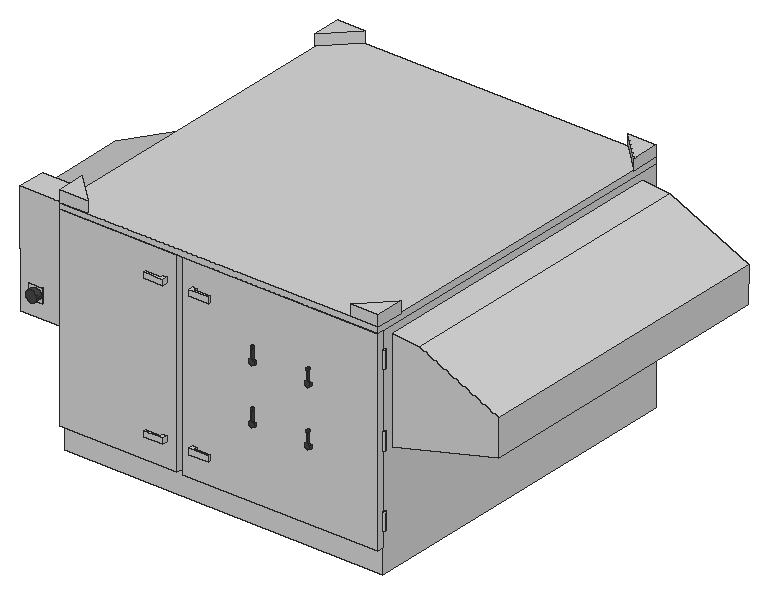
Revit family "HE3XRTR_FEB23", category Mechanical Equipment, Revit 2019
Family settings
  Round Connector Dimension = Use Diameter
  Part Type = Normal
  OmniClass Number = 23.75.00.00
  OmniClass Title = Climate Control (HVAC)
  Work Plane-Based = No
  Always vertical = Yes
  Cut with Voids When Loaded = No
  Shared = No
  Room Calculation Point = No
Parameters (values of type "2.0 HP 120V Single Phase")
  Voltage = "120"
  Ventilation Type = "Static Plate, Heat and Humidity Transfer"
  Unit Width = "63-1/4\""
  Unit Weight = "700-972 lbs."
  Unit Length = "94\""
  Unit Height = "44\""
  Unit = Metal - RenewAire - Anodized - Gray Text
  URL = "www.renewaire.com"
  Typical Airflow Range = "750-3,300 CFM"
  Standard Features = "TEFC Premium efficiency motors, Motor starters, Non-Fused Disconnect, 24VAC Transformer/Relay Package"
  Shipping Weight = "1,067 lbs."
  Service Area Visibility = no
  Service Area Box = Interference - RenewAire - Smooth - Light - Gold
  Revit Object Download Link = ""
  Phase = "Single"
  Options = "Integrated programmable controls, Fused disconnect, Double wall construction, Factory supplied and mounted variable frequency drives (VFDs) – one or both airstreams, Class 1 low leakage motorized isolation dampers – OA, RA or both airstreams, Qty. 2 Factory mounted filter alarms, Exterior Paint - white, custom colors"
  Number Motors = "Qty. 2, Belt drive blower/standard motor packages with adjustable sheaves"
  Model = "HE3XRTR"
  Minimum Circuit Amps = "45.0 A"
  Maximum Overcurrent Protection = "60 A"
  Max. Shipping Width = "70\""
  Max. Shipping Length = "80\""
  Max. Shipping Height = "67\""
  Manufacturer = "RenewAire LLC"
  Frequency = "60 HZ"
  FLA per Motor = "20.0"
  Description = "Energy Recovery Ventilator"
  Connector Base Material = Glass - With - Transparency
  Accessories = "Filters - MERV 13, 2\" (shipped loose),Roof curb - standard 14\", Curb wind clip, Engineered combo curb for Carrier RTU, Engineered combo curb for Trane RTU, Digital time clock - wall mount(TC7D-W), in exterior enclosure (TC7D-E), Motion occupancy control - ceiling mount(MC-C), wall mount(MC-W), Carbon dioxide control - wall mount (CO2-W), duct mount(CO2-D), Electric duct heater – EK series (1-60 KW), EH series (61-175kW); designed for indoor ductwork installation only, Indirect gas-fired duct furnace - GH Series (50-400 MBH), installed downstream of any fans"
  AHRI 1060 Certified Core = "Three L125-G5"
Types (13): name | Voltage | Phase | Options | Minimum Circuit Amps | Maximum Overcurrent Protection | FLA per Motor | Accessories
  (no name) | "120" | "Single" | "Integrated programmable controls, Fused disconnect, Double wall construction, Factory supplied and mounted variable frequency drives (VFDs) – one or both airstreams, Class 1 low leakage motorized isolation dampers – OA, RA or both airstreams, Qty. 2 Factory mounted filter alarms, Exterior Paint - white, custom colors" | "45.0 A" | "60 A" | "20.0" | "Filters - MERV 13, 2\" (shipped loose),Roof curb - standard 14\", Curb wind clip, Engineered combo curb for Carrier RTU, Engineered combo curb for Trane RTU, Digital time clock - wall mount(TC7D-W), in exterior enclosure (TC7D-E), Motion occupancy control - ceiling mount(MC-C), wall mount(MC-W), Carbon dioxide control - wall mount (CO2-W), duct mount(CO2-D), Electric duct heater – EK series (1-60 KW), EH series (61-175kW); designed for indoor ductwork installation only, Indirect gas-fired duct furnace - GH Series (50-400 MBH), installed downstream of any fans"
  2.0 HP 120V Single Phase | "120" | "Single" | "Integrated programmable controls, Fused disconnect, Double wall construction, Factory supplied and mounted variable frequency drives (VFDs) – one or both airstreams, Class 1 low leakage motorized isolation dampers – OA, RA or both airstreams, Qty. 2 Factory mounted filter alarms, Exterior Paint - white, custom colors" | "45.0 A" | "60 A" | "20.0" | "Filters - MERV 13, 2\" (shipped loose),Roof curb - standard 14\", Curb wind clip, Engineered combo curb for Carrier RTU, Engineered combo curb for Trane RTU, Digital time clock - wall mount(TC7D-W), in exterior enclosure (TC7D-E), Motion occupancy control - ceiling mount(MC-C), wall mount(MC-W), Carbon dioxide control - wall mount (CO2-W), duct mount(CO2-D), Electric duct heater – EK series (1-60 KW), EH series (61-175kW); designed for indoor ductwork installation only, Indirect gas-fired duct furnace - GH Series (50-400 MBH), installed downstream of any fans"
  2.0 HP 208-230V Single Phase | "208-230" | "Single" | "Integrated programmable controls, Fused disconnect, Double wall construction, Factory supplied and mounted variable frequency drives (VFDs) – one or both airstreams, Class 1 low leakage motorized isolation dampers – OA, RA or both airstreams, Qty. 2 Factory mounted filter alarms, Exterior Paint - white, custom colors" | "24.3 A" | "35 A" | "10.8-10.0" | "Filters - MERV 13, 2\" (shipped loose),Roof curb - standard 14\", Curb wind clip, Engineered combo curb for Carrier RTU, Engineered combo curb for Trane RTU, Digital time clock - wall mount(TC7D-W), in exterior enclosure (TC7D-E), Motion occupancy control - ceiling mount(MC-C), wall mount(MC-W), Carbon dioxide control - wall mount (CO2-W), duct mount(CO2-D), Electric duct heater – EK series (1-60 KW), EH series (61-175kW); designed for indoor ductwork installation only, Indirect gas-fired duct furnace - GH Series (50-400 MBH), installed downstream of any fans"
  2.0 HP 208-230V Three Phase | "208-230" | "Three" | "Integrated programmable controls, Fused disconnect, Double wall construction, Factory supplied and mounted variable frequency drives (VFDs) – one or both airstreams, Class 1 low leakage motorized isolation dampers – OA, RA or both airstreams, Qty. 2 Factory mounted filter alarms, Exterior Paint - white, custom colors" | "14.9 A" | "20 A" | "6.6-5.8" | "Filters - MERV 13, 2\" (shipped loose),Roof curb - standard 14\", Curb wind clip, Engineered combo curb for Carrier RTU, Engineered combo curb for Trane RTU, Digital time clock - wall mount(TC7D-W), in exterior enclosure (TC7D-E), Motion occupancy control - ceiling mount(MC-C), wall mount(MC-W), Carbon dioxide control - wall mount (CO2-W), duct mount(CO2-D), Electric duct heater – EK series (1-60 KW), EH series (61-175kW); designed for indoor ductwork installation only, Indirect gas-fired duct furnace - GH Series (50-400 MBH), installed downstream of any fans"
  2.0 HP 460V Three Phase | "460" | "Three" | "Integrated programmable controls, Fused disconnect, Double wall construction, Factory supplied and mounted variable frequency drives (VFDs) – one or both airstreams, Class 1 low leakage motorized isolation dampers – OA, RA or both airstreams, Qty. 2 Factory mounted filter alarms, Exterior Paint - white, custom colors" | "6.5 A" | "15 A" | "2.9" | "Filters - MERV 13, 2\" (shipped loose),Roof curb - standard 14\", Curb wind clip, Engineered combo curb for Carrier RTU, Engineered combo curb for Trane RTU, Digital time clock - wall mount(TC7D-W), in exterior enclosure (TC7D-E), Motion occupancy control - ceiling mount(MC-C), wall mount(MC-W), Carbon dioxide control - wall mount (CO2-W), duct mount(CO2-D), Electric duct heater – EK series (1-60 KW), EH series (61-175kW); designed for indoor ductwork installation only, Indirect gas-fired duct furnace - GH Series (50-400 MBH), installed downstream of any fans\\"
  2.0 HP 575V Three Phase | "575" | "Three" | "Integrated programmable controls, Fused disconnect, Double wall construction, Factory supplied and mounted variable frequency drives (VFDs) – one or both airstreams, Class 1 low leakage motorized isolation dampers – OA, RA or both airstreams, Qty. 2 Factory mounted filter alarms, Exterior Paint - white, custom colors" | "5.4 A" | "15 A" | "2.4" | "Filters - MERV 13, 2\" (shipped loose),Roof curb - standard 14\", Curb wind clip, Engineered combo curb for Carrier RTU, Engineered combo curb for Trane RTU, Digital time clock - wall mount(TC7D-W), in exterior enclosure (TC7D-E), Motion occupancy control - ceiling mount(MC-C), wall mount(MC-W), Carbon dioxide control - wall mount (CO2-W), duct mount(CO2-D), Electric duct heater – EK series (1-60 KW), EH series (61-175kW); designed for indoor ductwork installation only, Indirect gas-fired duct furnace - GH Series (50-400 MBH), installed downstream of any fans"
  3.0 HP 208-230V Single Phase | "208-230" | "Single" | "Integrated programmable controls, Fused disconnect, Double wall construction, Factory supplied and mounted variable frequency drives (VFDs) – one or both airstreams, Class 1 low leakage motorized isolation dampers – OA, RA or both airstreams, Qty. 2 Factory mounted filter alarms, Exterior Paint - white, custom colors" | "33.1 A" | "40 A" | "14.7-14" | "Filters - MERV 13, 2\" (shipped loose),Roof curb - standard 14\", Curb wind clip, Engineered combo curb for Carrier RTU, Engineered combo curb for Trane RTU, Digital time clock - wall mount(TC7D-W), in exterior enclosure (TC7D-E), Motion occupancy control - ceiling mount(MC-C), wall mount(MC-W), Carbon dioxide control - wall mount (CO2-W), duct mount(CO2-D), Electric duct heater – EK series (1-60 KW), EH series (61-175kW); designed for indoor ductwork installation only, Indirect gas-fired duct furnace - GH Series (50-400 MBH), installed downstream of any fans"
  3.0 HP 208-230V Three Phase | "208-230" | "Three" | "Integrated programmable controls, Fused disconnect, Double wall construction, Factory supplied and mounted variable frequency drives (VFDs) – one or both airstreams, Class 1 low leakage motorized isolation dampers – OA, RA or both airstreams, Qty. 2 Factory mounted filter alarms, Exterior Paint - white, custom colors" | "21.1 A" | "25 A" | "9.4-8.5" | "Filters - MERV 13, 2\" (shipped loose),Roof curb - standard 14\", Curb wind clip, Engineered combo curb for Carrier RTU, Engineered combo curb for Trane RTU, Digital time clock - wall mount(TC7D-W), in exterior enclosure (TC7D-E), Motion occupancy control - ceiling mount(MC-C), wall mount(MC-W), Carbon dioxide control - wall mount (CO2-W), duct mount(CO2-D), Electric duct heater – EK series (1-60 KW), EH series (61-175kW); designed for indoor ductwork installation only, Indirect gas-fired duct furnace - GH Series (50-400 MBH), installed downstream of any fans"
  3.0 HP 460V Three Phase | "460" | "Three" | "Integrated programmable controls, Fused disconnect, Double wall construction, Factory supplied and mounted variable frequency drives (VFDs) – one or both airstreams, Class 1 low leakage motorized isolation dampers – OA, RA or both airstreams, Qty. 2 Factory mounted filter alarms, Exterior Paint - white, custom colors\r\nIntegrated programmable controls, Fused disconnect, Double wall construction, Factory supplied and mounted variable frequency drives (VFDs) – one or both airstreams, Class 1 low leakage motorized isolation dampers – OA, EA or both airstreams, Qty. 2 Factory mounted filter alarms, Exterior Paint - white, custom colors" | "9.5 A" | "15 A" | "4.2" | "Filters - MERV 13, 2\" (shipped loose),Roof curb - standard 14\", Curb wind clip, Engineered combo curb for Carrier RTU, Engineered combo curb for Trane RTU, Digital time clock - wall mount(TC7D-W), in exterior enclosure (TC7D-E), Motion occupancy control - ceiling mount(MC-C), wall mount(MC-W), Carbon dioxide control - wall mount (CO2-W), duct mount(CO2-D), Electric duct heater – EK series (1-60 KW), EH series (61-175kW); designed for indoor ductwork installation only, Indirect gas-fired duct furnace - GH Series (50-400 MBH), installed downstream of any fans"
  3.0 HP 575V Three Phase | "575" | "Three" | "Integrated programmable controls, Fused disconnect, Double wall construction, Factory supplied and mounted variable frequency drives (VFDs) – one or both airstreams, Class 1 low leakage motorized isolation dampers – OA, RA or both airstreams, Qty. 2 Factory mounted filter alarms, Exterior Paint - white, custom colors" | "7.4 A" | "15 A" | "3.3" | "Filters - MERV 13, 2\" (shipped loose),Roof curb - standard 14\", Curb wind clip, Engineered combo curb for Carrier RTU, Engineered combo curb for Trane RTU, Digital time clock - wall mount(TC7D-W), in exterior enclosure (TC7D-E), Motion occupancy control - ceiling mount(MC-C), wall mount(MC-W), Carbon dioxide control - wall mount (CO2-W), duct mount(CO2-D), Electric duct heater – EK series (1-60 KW), EH series (61-175kW); designed for indoor ductwork installation only, Indirect gas-fired duct furnace - GH Series (50-400 MBH), installed downstream of any fans\r\nFilters - MERV 13, 2\" (shipped loose),Roof curb - standard 14\", Curb wind clip, Engineered combo curb for Carrier RTU, Engineered combo curb for Trane RTU, Digital time clock - wall mount(TC7D-W), in exterior enclosure (TC7D-E), Motion occupancy control - ceiling mount(MC-C), wall mount(MC-W), Carbon dioxide control - wall mount (CO2-W), duct mount(CO2-D), Electric duct heater – EK series (1-60 KW); designed for indoor ductwork installation only, Indirect gas-fired duct furnace - GH Series (50-400 MBH), installed downstream of any fans"
  5.0 HP 208-230V Three Phase | "208-230" | "Three" | "Integrated programmable controls, Fused disconnect, Double wall construction, Factory supplied and mounted variable frequency drives (VFDs) – one or both airstreams, Class 1 low leakage motorized isolation dampers – OA, RA or both airstreams, Qty. 2 Factory mounted filter alarms, Exterior Paint - white, custom colors" | "32.6 A" | "45 A" | "14.5-13.4" | "Filters - MERV 13, 2\" (shipped loose),Roof curb - standard 14\", Curb wind clip, Engineered combo curb for Carrier RTU, Engineered combo curb for Trane RTU, Digital time clock - wall mount(TC7D-W), in exterior enclosure (TC7D-E), Motion occupancy control - ceiling mount(MC-C), wall mount(MC-W), Carbon dioxide control - wall mount (CO2-W), duct mount(CO2-D), Electric duct heater – EK series (1-60 KW), EH series (61-175kW); designed for indoor ductwork installation only, Indirect gas-fired duct furnace - GH Series (50-400 MBH), installed downstream of any fans"
  5.0 HP 460V Three Phase | "460" | "Three" | "Integrated programmable controls, Fused disconnect, Double wall construction, Factory supplied and mounted variable frequency drives (VFDs) – one or both airstreams, Class 1 low leakage motorized isolation dampers – OA, RA or both airstreams, Qty. 2 Factory mounted filter alarms, Exterior Paint - white, custom colors" | "15.1 A" | "20 A" | "6.7" | "Filters - MERV 13, 2\" (shipped loose),Roof curb - standard 14\", Curb wind clip, Engineered combo curb for Carrier RTU, Engineered combo curb for Trane RTU, Digital time clock - wall mount(TC7D-W), in exterior enclosure (TC7D-E), Motion occupancy control - ceiling mount(MC-C), wall mount(MC-W), Carbon dioxide control - wall mount (CO2-W), duct mount(CO2-D), Electric duct heater – EK series (1-60 KW), EH series (61-175kW); designed for indoor ductwork installation only, Indirect gas-fired duct furnace - GH Series (50-400 MBH), installed downstream of any fans"
  5.0 HP 575V Three Phase | "575" | "Three" | "Integrated programmable controls, Fused disconnect, Double wall construction, Factory supplied and mounted variable frequency drives (VFDs) – one or both airstreams, Class 1 low leakage motorized isolation dampers – OA, RA or both airstreams, Qty. 2 Factory mounted filter alarms, Exterior Paint - white, custom colors" | "11.9 A" | "15 A" | "5.3" | "Filters - MERV 13, 2\" (shipped loose),Roof curb - standard 14\", Curb wind clip, Engineered combo curb for Carrier RTU, Engineered combo curb for Trane RTU, Digital time clock - wall mount(TC7D-W), in exterior enclosure (TC7D-E), Motion occupancy control - ceiling mount(MC-C), wall mount(MC-W), Carbon dioxide control - wall mount (CO2-W), duct mount(CO2-D), Electric duct heater – EK series (1-60 KW), EH series (61-175kW); designed for indoor ductwork installation only, Indirect gas-fired duct furnace - GH Series (50-400 MBH), installed downstream of any fans"
Reference planes (in)
  plane 1 "Center (Front/Back)": y = 0
  plane 2: z = 0
  plane 3 "Center (Left/Right)": x = 0
Forms (in)
  Extrusion 1, solid, material "Metal - RenewAire - Anodized - Gray Text" <- "Unit"
    sketch origin (0, 0, 0) x (1, 0, 0) y (0, 0, 1)
      loop
        line (-28.5625, 0) -> (28.5625, 0) -> (28.5625, 39.25) -> (-28.5625, 39.25) -> (-28.5625, 0)
    from 30.125 to -31.125
  Extrusion 2, solid, material "Metal - RenewAire - Anodized - Gray Text"
    sketch origin (0, 0, 0) x (1, 0, 0) y (0, 0, 1)
      loop
        line (-28.5625, 39.25) -> (28.5625, 39.25) -> (28.5625, 40.25) -> (-28.5625, 40.25) -> (-28.5625, 39.25)
    from 31.125 to -31.125
  Extrusion 3, solid, material "Metal - RenewAire - Anodized - Gray Text"
    sketch origin (0, 0, 0) x (1, 0, 0) y (0, 0, 1)
      loop
        line (-6.4375, 39.25) -> (-6.4375, 4.25) -> (28.5625, 4.25) -> (28.5625, 39.25) -> (-6.4375, 39.25)
      loop
        line (-28.5625, 39.25) -> (-28.5625, 4.25) -> (-7.5625, 4.25) -> (-7.5625, 39.25) -> (-28.5625, 39.25)
    from 31.125 to 30.125
  Extrusion 4, solid, material "Metal - RenewAire - Anodized - Gray Text"
    sketch origin (0, 0, 0) x (1, 0, 0) y (0, 1, 0)
      loop
        circle (-28.8125, -30.125) r 0.25
      loop
        circle (28.8125, -30.125) r 0.25
    from 10.25 to 7.25
  Extrusion 5, solid, material "Metal - RenewAire - Anodized - Gray Text"
    sketch origin (0, 0, 0) x (1, 0, 0) y (0, 1, 0)
      loop
        circle (-28.8125, -30.125) r 0.25
      loop
        circle (28.8125, -30.125) r 0.25
    from 36.25 to 33.25
  Extrusion 6, solid, material "Metal - RenewAire - Anodized - Gray Text"
    sketch origin (0, 0, 0) x (1, 0, 0) y (0, 1, 0)
      loop
        circle (-28.8125, -30.125) r 0.25
      loop
        circle (28.8125, -30.125) r 0.25
    from 23.125 to 20.125
  Extrusion 7, solid, material "Metal - RenewAire - Anodized - Gray Text"
    sketch origin (0, 0, 0) x (1, 0, 0) y (0, 1, 0)
      loop
        line (-4.6875, -31.125) -> (-4.6875, -32) -> (-1.1875, -32) -> (-1.1875, -31.625) -> (-3.9375, -31.625) -> (-3.9375, -31.125) -> (-4.6875, -31.125)
      loop
        line (-9.3125, -31.125) -> (-10.0625, -31.125) -> (-10.0625, -31.625) -> (-12.8125, -31.625) -> (-12.8125, -32) -> (-9.3125, -32) -> (-9.3125, -31.125)
    from 9.5 to 8.5
  Extrusion 8, solid, material "Metal - RenewAire - Anodized - Gray Text"
    sketch origin (0, 0, 0) x (1, 0, 0) y (0, 1, 0)
      loop
        line (-4.6875, -31.125) -> (-4.6875, -32) -> (-1.1875, -32) -> (-1.1875, -31.625) -> (-3.9375, -31.625) -> (-3.9375, -31.125) -> (-4.6875, -31.125)
      loop
        line (-9.3125, -31.125) -> (-10.0625, -31.125) -> (-10.0625, -31.625) -> (-12.8125, -31.625) -> (-12.8125, -32) -> (-9.3125, -32) -> (-9.3125, -31.125)
    from 35 to 34
  Extrusion 9, solid, material "Metal - RenewAire - Anodized - Gray Text"
    sketch origin (0, 0, 0) x (1, 0, 0) y (0, 0, 1)
      loop
        line (-28.5625, 37.5) -> (-38.875, 37.5) -> (-38.875, 17.5) -> (-28.5625, 17.5) -> (-28.5625, 37.5)
    from 27.125 to 22.125
  Extrusion 10, solid, material "Metal - RenewAire - Anodized - Gray Text"
    sketch origin (0, 0, 0) x (1, 0, 0) y (0, 0, 1)
      loop
        line (-37.25, 22.5) -> (-37.25, 20) -> (-34.75, 20) -> (-34.75, 22.5) -> (-37.25, 22.5)
    from 27.25 to 27.125
  Extrusion 11, solid, material "MonitorPorts"
    sketch origin (0, 0, 0) x (1, 0, 0) y (0, 0, 1)
      loop
        circle (-36, 21.25) r 1
    from 28.25 to 27.125
  Extrusion 12, solid, material "Interference - RenewAire - Smooth - Light - Gold" <- "Service Area Box", visible <- "Service Area Visibility"
    sketch origin (0, 0, 0) x (1, 0, 0) y (0, 0, 1)
      loop
        line (28.5625, 40.25) -> (-37.0625, 40.25) -> (-37.0625, 0) -> (28.5625, 0) -> (28.5625, 40.25)
    from 64.875 to 31.125
  Extrusion 13, solid, material "Metal - RenewAire - Anodized - Gray Text" <- "Unit"
    sketch origin (0, 0, 0) x (1, 0, 0) y (0, 1, 0)
      loop
        line (-28.5625, 31.125) -> (-28.5625, 26.125) -> (-23.5625, 31.125) -> (-28.5625, 31.125)
      loop
        line (-28.5625, -31.125) -> (-23.5625, -31.125) -> (-28.5625, -26.125) -> (-28.5625, -31.125)
      loop
        line (28.5625, -31.125) -> (28.5625, -26.125) -> (23.5625, -31.125) -> (28.5625, -31.125)
      loop
        line (28.5625, 31.125) -> (23.5625, 31.125) -> (28.5625, 26.125) -> (28.5625, 31.125)
    from 42.25 to 40.25
  Extrusion 14, solid, material "Metal - RenewAire - Anodized - Gray Text"
    sketch origin (0, 0, 0) x (-1, 0, 0) y (0, 0, -1)
      loop
        line (-28.5625, -38) -> (-28.5625, -19.59875) -> (-47.6875, -24.59875) -> (-47.6875, -31) -> (-33.5625, -37.5) -> (-28.5625, -38)
    from 28 to -28
  Extrusion 15, solid, material "Metal - RenewAire - Anodized - Gray Text"
    sketch origin (0, 3, 0) x (1, 0, 0) y (0, 0, 1)
      loop
        line (-28.5625, 21) -> (-28.5625, 37.75) -> (-45.5625, 29.25) -> (-42.8125, 21) -> (-28.5625, 21)
    from 21.25 to 0.25
  Extrusion 16, void
    sketch origin (0, 0, 0) x (1, 0, 0) y (0, 1, 0)
      loop
        line (-28.0625, 30.625) -> (-28.0625, -29.625) -> (28.0625, -29.625) -> (28.0625, 30.625) -> (-28.0625, 30.625)
    from 4.625 to -0.74714
  Extrusion 17, solid, material "Metal - RenewAire - Anodized - Gray Text"
    sketch origin (0, 3, 0) x (0, 1, 0) y (0, 0, 1)
      loop
        line (-9.25, 16.5) -> (-21.25, 16.5) -> (-21.25, 4.5) -> (-9.25, 4.5) -> (-9.25, 16.5)
      loop
        line (-9.5, 16.25) -> (-21, 16.25) -> (-21, 4.75) -> (-9.5, 4.75) -> (-9.5, 16.25)
    from -28.5625 to -29.5625
  Extrusion 18, void
    sketch origin (0, 0, 0) x (1, 0, 0) y (0, 1, 0)
      loop
        line (13.5625, 25.625) -> (13.5625, -16.375) -> (23.5625, -16.375) -> (23.5625, 25.625) -> (13.5625, 25.625)
    from 4 to 4.75
Cuts and joins
  Extrusion 16, Extrusion 18 cuts Extrusion 1
Dimensions and locks (in)
  Extrusion 2 to Extrusion 3 sketch curve to Extrusion 3 sketch curve = 1' - 9", 3' - 0 1/8"
  aligned and locked: level to plane 2
Nested families (in)
  nested 1: "Monitoring Port" at (16.0625, -31.125, 19.472) x (-1, 0, 0) z (0, 0, -1), type "Monitoring Port"
  nested 2: "Monitoring Port" at (6.0625, -31.125, 19.472) x (-1, 0, 0) z (0, 0, -1), type "Monitoring Port"
  nested 3: "Monitoring Port" at (16.0625, -31.125, 29.472) x (-1, 0, 0) z (0, 0, -1), type "Monitoring Port"
  nested 4: "Monitoring Port" at (6.0625, -31.125, 29.472) x (-1, 0, 0) z (0, 0, -1), type "Monitoring Port"
Connectors (in)
  hvac at (-29.5625, -12.25, 10.5)
    settings: on Extrusion 17, index 1, duct flow 0 CFM, flow factor 0, pres drop 0.00 in-wg, loss coef 0, conn angle 0.00°, conn width 12", conn height 12", conn diameter 24", duct sys type 1, conn prof type 1, flow config 0, flow direction 2, loss method 0, conn ref index -1, conn util no, is conn primary yes, conn desc "FA (Fresh Air)"
  hvac at (18.5625, 4.625, 4.75)
    settings: on cut or joined group of Extrusion 1, Extrusion 16, Extrusion 18, index 3, duct flow 0 CFM, flow factor 0, pres drop 0.00 in-wg, loss coef 0, conn angle 0.00°, conn width 42", conn height 10", conn diameter 24", duct sys type 2, conn prof type 1, flow config 0, flow direction 1, loss method 0, conn ref index -1, conn util no, is conn primary no, conn desc "RA (Return Air)"
Definition of nested family "Monitoring Port"
  Parameters
    URL = "www.renewaire.com"
    Revit Object Download Link = ""
    Model = ""
    Manufacturer = "RenewAire LLC"
    Description = "Monitoring Ports"
  Reference planes (in)
    plane 1 "Center (Front/Back)": y = 0
    plane 2: z = 0
    plane 3 "Center (Left/Right)": x = 0
  Forms (in)
    Extrusion 1, solid
      sketch origin (-9.43348, 0, 37.76669) x (-1, 0, 0) y (0, 0, -1)
        loop
          line (-9.53348, 35.65895) -> (-9.94097, 35.42369) -> (-9.94097, 34.83769) -> (-9.43348, 34.54469) -> (-8.92599, 34.83769) -> (-8.92599, 35.42369) -> (-9.33348, 35.65895) -> (-9.33348, 37.28756)
          arc (-9.33348, 37.28756) -> (-9.43348, 37.76669) -> (-9.53348, 37.28756) r 0.25
          line (-9.53348, 37.28756) -> (-9.53348, 35.65895)
      from 0 to 0.25
  Dimensions and locks (in)
    aligned and locked: level to plane 2
